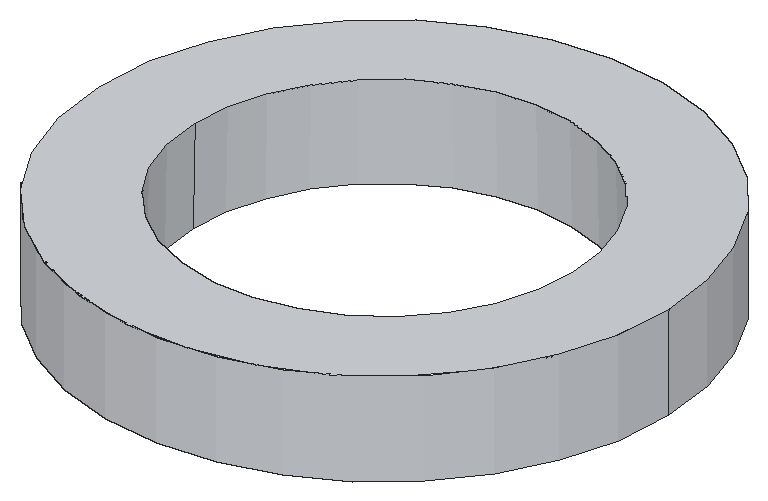
Revit family "110301-00002 Кольцо опорное КО-1,5", category Обобщенные модели, Revit 2019
Family settings
  Может служить основой для арматурных стержней = Нет
  Размер круглого соединителя = Использовать диаметр
  Тип детали = Нормальный
  На основе рабочей плоскости = Нет
  Всегда вертикально = Да
  При загрузке вырезать с полостями = Нет
  Общий = Нет
  Точка расчета площади = Нет
Parameters (values of type "Кольцо опорное КО-1,5")
  Ширина [instance] = 150 mm
  ADSK_Ширина2 [instance] = 600 mm
  ADSK_Ширина [instance] = 900 mm
  ADSK_Ссылка на сайт = "https://www.ssd.ru/koltso-opornoe-ko-2"
  ADSK_Сертификат соответствия = "https://www.ssd.ru/upload/iblock/83a/sert_b20_0221.pdf"
  ADSK_Наименование = "Кольцо опорное КО-1,5"
  ADSK_Масса = "125"
  ADSK_Марка = "Кольца, сегменты"
  ADSK_Код изделия = "110301-00002"
  ADSK_Класс бетона = "В20"
  ADSK_Изготовитель = "АО \"СВЯЗЬСТРОЙДЕТАЛЬ\""
  ADSAK_Длина [instance] = 900 mm
Reference planes
  plane 1 "По центру (Вперед/Назад)": y = 0
  plane 2: z = 0
  plane 3 "По центру (Влево/Вправо)": x = 0
  plane 4: x = -450
  plane 5: x = 450
  plane 6: y = -450
  plane 7: y = 450
  plane 8: z = 150
  plane 9: z = 0
  plane 10: y = 300
  plane 11: y = -300
Forms (mm)
  Extrusion 1, solid
    sketch origin (0, 0, 0) x (1, 0, 0) y (0, 1, 0)
      loop
        circle (0, 0) r 450
    from 0 to 150
  Blend 2, void
    base sketch origin (0, 0, 0) x (1, 0, 0) y (0, 1, 0)
      loop
        circle (0, 0) r 303
    top sketch origin (0, 0, 0) x (1, 0, 0) y (0, 1, 0)
      loop
        circle (0, 0) r 300
    from 0 to 150
Cuts and joins
  Blend 2 cuts Extrusion 1
Dimensions and locks
  "ADSAK_Длина": plane 4 to plane 5
  equal spacing: plane 4, plane 3 "По центру (Влево/Вправо)", plane 5
  "ADSK_Ширина": plane 7 to plane 6
  equal spacing: plane 7, plane 1 "По центру (Вперед/Назад)", plane 6
  "Ширина": level to plane 8
  "ADSK_Ширина2": plane 10 to plane 11
  equal spacing: plane 10, plane 1 "По центру (Вперед/Назад)", plane 11
  aligned and locked: level to plane 2
  aligned and locked: plane 8 to Extrusion 1
  aligned and locked: Extrusion 1 to level
  aligned and locked: Extrusion 1 to plane 2
  aligned and locked: Extrusion 1 to Blend 2
  aligned and locked: Blend 2 to level
  aligned and locked: plane 8 to Blend 2
Automatic sketch dimensions
  plane 1 "По центру (Вперед/Назад)" to Extrusion 1 sketch curve = 0 mm
  Extrusion 1 sketch curve to plane 3 "По центру (Влево/Вправо)" = 0 mm
  plane 1 "По центру (Вперед/Назад)" to Blend 2 sketch curve = 0 mm  (x2)
  Blend 2 sketch curve to plane 3 "По центру (Влево/Вправо)" = 0 mm  (x2)
  radius of Extrusion 1 sketch curve = 450 mm
  radius of Blend 2 sketch curve = 303 mm
  radius of Blend 2 sketch curve = 300 mm
